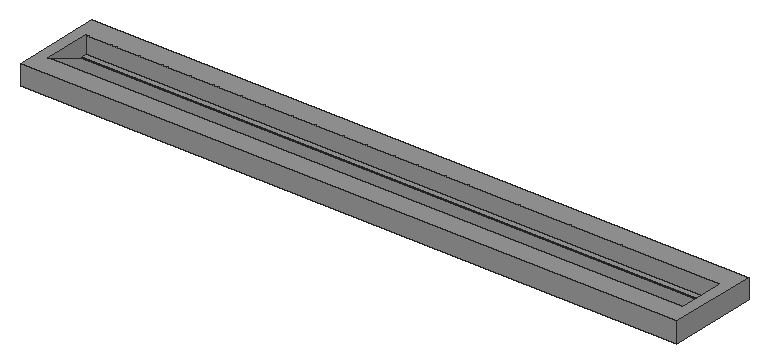
Revit family "2021734", category Lighting Fixtures, host Face, Revit 2018
Family settings
  Host = Face
  Round Connector Dimension = Use Diameter
  Part Type = Normal
  OmniClass Number = 23.80.70.00
  OmniClass Title = Lighting
  Cut with Voids When Loaded = No
  Light Source = Yes
  Shared = No
  Room Calculation Point = No
Parameters (values of type "2021734 OPTIX S 1500 ASYM 4K")
  Weight = "n/a"
  Wattage Comments = ""
  Wattage = 9.2903 W
  WarrantyStartDate [instance] = "n/a"
  WarrantyGuarantorParts = "n/a"
  WarrantyDurationUnit = "n/a"
  WarrantyDurationParts = ""
  WarrantyDescription = "http://www.sylvania-lighting.com"
  built-in parameter 1150110 = 1 (stored number, unit not read)
  Voltage = 0 V
  URL = "0.95"
  TypeName = "OPTIX SURFACE 1500 ASYMMETRIC 4000K"
  Type Image = <None>
  Type Comments = "n/a"
  built-in parameter 1114217 = 1 (stored number, unit not read)
  Tilt Angle = -90.00°
  built-in parameter 1150109 = 1 (stored number, unit not read)
  built-in parameter 1150134 = 3
  built-in parameter 1150113 = 1 (stored number, unit not read)
  SerialNumber [instance] = "n/a"
  Photometric Web File = "2021734.ies"
  Material_3_SYL = none
  PowerFactor = 0
  PowerConsumption = "Lighting"
  NominalLength = 1480 mm
  NominalHeight = 45 mm
  NominalDepth = 200 mm
  Name = "OPTIX SURFACE 1500 ASYMMETRIC 4000K"
  ModelReference = Name  # "OPTIX SURFACE 1500 ASYMMETRIC 4000K"
  ModelNumber = "2021734"
  Model = Name  # "OPTIX SURFACE 1500 ASYMMETRIC 4000K"
  Material = "Feilo Sylvania"
  ManufacturerName = "115 lm/W"
  Manufacturer = ""
  LuminousEfficacy = ""
  built-in parameter 1150105 = 109.82 (stored number, unit not read)
  Lumens = 1380 lm
  LuminaireType = "0"
  built-in parameter 1150115 = 1 (stored number, unit not read)
  LightOutputRatio = "LED"
  built-in parameter 1150137 = (empty or 0)
  built-in parameter 1150139 = (empty or 0)
  LampsType = Lamp  # "n/a"
  LampNominalLuminous = "4000 K"
  LampMacAdamStep = "80"
  LampColourTemperature = "LED"
  LampColourRenderingIndex = "16500"
  built-in parameter 1150112 = 1 (stored number, unit not read)
  built-in parameter 1150114 = 1 (stored number, unit not read)
  Lamp = "n/a"
  Keynote = "n/a"
  InstallationDate [instance] = "n/a"
  InputVoltage = "0"
  InputNominalFrequency = "4000"
  built-in parameter 1150132 = (empty or 0)
  built-in parameter 1150102 = (empty or 0)
  built-in parameter 1150107 = 3200 (stored number, unit not read)
  built-in parameter 1150138 = (empty or 0)
  IngressProtection = "IfcLightFixtureType"
  ImpactProtectionIndex = "IfcLightFixtureType"
  built-in parameter 1150106 = 1.0982 (stored number, unit not read)
  IfcExportType = "IfcLightFixtureType"
  IfcExportAs = "Class I"
  Emit from Circle Diameter = 609.6 mm
  Emit Shape Visible in Rendering = no
  ElectricShockClassification = "115"
  built-in parameter 1150104 = 13.8 (stored number, unit not read)
  DocumentationLiterature = "http://www.sylvania-lighting.com/product/en-int/products/2021734"
  DimmingControlOptions = "n/a"
  Material_2_SYL = none
  Dimming Lamp Color Temperature Shift = <None>
  Description = "OPTIX SURFACE 1500 ASYMMETRIC 4000K is a surface or wall mounted LED Linear luminaire with Asymmetric Aluminium Reflector, Asymmetric Light Distribution, Luminaire Dimensions: 1480x200x50mm, Sylvania White body colour, IP20, IK07, Constant Current, Low LED flicker (+/-5%), Neutral White (4000K) LED Colour Temperature, 4250lm, 37W, 115lm/W efficacy, CRI>80, 3 SDCM (3-step MacAdam ellipse) LED Colour Consistency, lifespan: 58,000 hours L90B10."
  Default Elevation = 1219.2 mm
  CreatedOn = "07/10/2022"
  CreatedBy = "@sylvania-lighting.com"
  Cost = 0
  Color Filter = 16777215
  built-in parameter 1114216 [instance] = (empty or 0)
  ClassificationValue = "EF_70_80"
  ClassificationName = "Uniclass2015"
  Material_1_SYL = none
  BarCode [instance] = "n/a"
  built-in parameter 1114218 = 1 (stored number, unit not read)
  built-in parameter 1150133 = 10 (stored number, unit not read)
  AssetType = "Fixed"
  AssetIdentifier [instance] = "n/a"
  Assembly Code = "D5020200"
  Apparent Load = 37 VA
  Material_4_SYL = none
Reference planes
  plane 1 "Center (Front/Back)": y = 0
  plane 2: z = 0
  plane 3 "Center (Left/Right)": x = 0
  plane 4: x = -740
  plane 5: x = 740
  plane 6: y = 100
  plane 7: y = -100
  plane 8: z = 45
  plane 9: y = 54
  plane 10: y = -54
  plane 11: z = 52.5
  plane 12: x = -715
  plane 13: x = 715
  plane 14: y = 39
  plane 15: z = 5
Forms (mm)
  Extrusion 1, solid, material "Aluminum", detail levels medium+fine
    sketch origin (0, 0, 0) x (1, 0, 0) y (0, 1, 0)
      loop
        line (-512.5, 10) -> (-512.5, -10) -> (-487.5, -10) -> (-487.5, 10) -> (-512.5, 10)
    from 0 to 6
  Extrusion 2, solid, material "Aluminum", detail levels medium+fine
    sketch origin (0, 0, 0) x (1, 0, 0) y (0, 1, 0)
      loop
        line (486, 10) -> (486, -10) -> (511, -10) -> (511, 10) -> (486, 10)
    from 0 to 6
  Extrusion 3, solid, material "Aluminum", detail levels medium+fine
    sketch origin (0, 0, 0) x (1, 0, 0) y (0, 1, 0)
      loop
        line (-740, 100) -> (-740, -100) -> (740, -100) -> (740, 100) -> (-740, 100)
    from 0 to 45
  Extrusion 4, void
    sketch origin (319, 1524, 1219.2) x (0, 1, 0) y (0, 0, 1)
      loop
        line (-1470, -1174.2) -> (-1578, -1174.2) -> (-1485, -1214.2) -> (-1470, -1214.2) -> (-1470, -1174.2)
    from -1034 to 396
  Extrusion 5, solid, material "Glass, White, High Luminance", detail levels fine
    sketch origin (0, 0, 0) x (0, 1, 0) y (0, 0, 1)
      loop
        line (54, 6.046) -> (39, 6.046) -> (39, 5) -> (54, 5) -> (54, 6.046)
    from -715 to 715
  Extrusion 6, solid, detail levels coarse
    sketch origin (319, 1524, 1219.2) x (0, 1, 0) y (0, 0, 1)
      loop
        line (-1424, -1174.2) -> (-1624, -1174.2) -> (-1624, -1219.2) -> (-1424, -1219.2) -> (-1424, -1174.2)
    from -1059 to 421
Cuts and joins
  Extrusion 4 cuts Extrusion 3
Dimensions and locks
  "NominalLength": plane 4 to plane 5
  equal spacing: plane 4, plane 3 "Center (Left/Right)", plane 5
  "NominalDepth": plane 6 to plane 7
  equal spacing: plane 6, plane 1 "Center (Front/Back)", plane 7
  "NominalHeight": plane 8 to level
  aligned and locked: plane 2 to host face
  aligned and locked: level to host face
Automatic sketch dimensions
  host sketch curve to host sketch curve = 2438.4 mm  (x2)
  plane 1 "Center (Front/Back)" to Extrusion 1 sketch curve = 10 mm
  Extrusion 1 sketch curve to plane 1 "Center (Front/Back)" = 10 mm
  plane 1 "Center (Front/Back)" to Extrusion 2 sketch curve = 10 mm
  Extrusion 2 sketch curve to plane 1 "Center (Front/Back)" = 10 mm
  Extrusion 3 sketch curve to plane 4 = 0 mm
  Extrusion 3 sketch curve to plane 5 = 0 mm
  Extrusion 3 sketch curve to plane 7 = 0 mm
  Extrusion 3 sketch curve to plane 6 = 0 mm
  Extrusion 2 sketch curve to Extrusion 2 sketch curve = 25 mm
  Extrusion 1 sketch curve to Extrusion 1 sketch curve = 25 mm
  plane 4 to Extrusion 1 sketch curve = 227.5 mm
  Extrusion 2 sketch curve to plane 5 = 254 mm
  Extrusion 4 sketch curve to plane 10 = 0 mm
  Extrusion 4 sketch curve to plane 14 = 0 mm
  Extrusion 4 sketch curve to plane 9 = 0 mm
  Extrusion 4 sketch curve to plane 15 = 0 mm
  Extrusion 4 sketch curve to plane 8 = 0 mm
  Extrusion 5 sketch curve to plane 14 = 0 mm
  Extrusion 5 sketch curve to plane 9 = 0 mm
  Extrusion 5 sketch curve to plane 15 = 0 mm
  plane 15 to Extrusion 5 sketch curve = 1.046 mm
  Extrusion 6 sketch curve to plane 7 = 0 mm
  Extrusion 6 sketch curve to level = 0 mm
  Extrusion 6 sketch curve to plane 6 = 0 mm
  Extrusion 6 sketch curve to plane 8 = 0 mm
Connectors
  electrical at (0, 0, 0), driven by "Apparent Load", driven by "PowerFactor", driven by "Voltage"
    settings: index 1, voltage 0 V, apparent load 37 VA, apparent load phase1 0 VA, apparent load phase2 0 VA, apparent load phase3 0 VA, power factor 0, load classification "Lighting", number of poles 1, system type 30, power factor state 1, is connector primary yes, connector utility no, sub classification motor no, connector description ""
